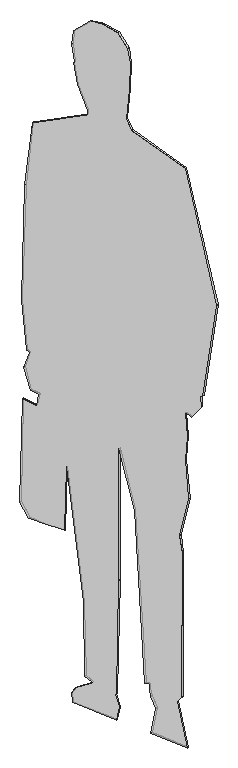
Revit family "ADSK_Антураж_Мужчина_04", category Антураж, Revit 2019
Family settings
  На основе рабочей плоскости = Нет
  Всегда вертикально = Да
  При загрузке вырезать с полостями = Нет
  Источник визуального образа = Геометрия семейства
  Общий = Нет
  Точка расчета площади = Нет
Parameters (values of type "Тип")
  Показать чертеж [instance] = yes
  Высота = 0 mm
  Материал = Антураж
  ADSK_Версия семейства = "1.0"  # constant formula
  ADSK_Версия Revit = "v2019"  # constant formula
Reference planes
  plane 1 "Center (Front/Back)": y = 0
  plane 2: z = 0
  plane 3 "Center (Left/Right)": x = 0
  plane 4: z = 1600
  plane 5: z = 1800
Forms (mm)
  Extrusion 1, solid, material "Антураж" <- "Материал"
    sketch origin (0, 0, 0) x (1, 0, 0) y (0, 0, 1)
      loop
        line (-127.848, 273.901) -> (-123.735, 81.431) -> (-101.022, 73.86) -> (-149.645, 44.417) -> (-162.657, 24.76) -> (-159.86, 0) -> (-31.201, 0) -> (-23.799, 37.014) -> (-34.311, 65.737) -> (-31.195, 66.877) -> (-24.21, 366.435) -> (-24.21, 712.247) -> (20.206, 566.307) -> (51.318, 125.549) -> (64.204, 128.169) -> (64.622, 114.743) -> (68.323, 96.236) -> (83.129, 70.327) -> (68.323, 0) -> (175.663, 0) -> (146.052, 111.041) -> (159.044, 125.462) -> (160.857, 503.384) -> (153.454, 547.801) -> (179.364, 651.439) -> (168.26, 751.375) -> (175.663, 813.495) -> (169.187, 871.977) -> (186.767, 866.117) -> (216.377, 903.13) -> (214.402, 931.275) -> (220.079, 932.741) -> (260.794, 1184.433) -> (168.26, 1510.152) -> (12.803, 1554.568) -> (-2.104, 1579.412) -> (5.4, 1658.206) -> (9.102, 1728.531) -> (1.699, 1765.545) -> (-27.912, 1795.156) -> (-76.029, 1802.558) -> (-105.64, 1798.857) -> (-157.459, 1754.441) -> (-161.16, 1717.427) -> (-153.758, 1673.011) -> (-157.791, 1670.86) -> (-146.355, 1617.491) -> (-116.744, 1561.97) -> (-116.744, 1550.866) -> (-275.902, 1473.138) -> (-298.11, 1302.876) -> (-309.214, 999.366) -> (-294.409, 873.52) -> (-285.825, 869.228) -> (-301.812, 825.402) -> (-282.925, 771.54) -> (-257.23, 770.484) -> (-265.757, 739.555) -> (-305.513, 743.972) -> (-312.916, 470.073) -> (-287.006, 436.76) -> (-238.889, 436.76) -> (-183.369, 440.462) -> (-176.851, 609.919) -> (-127.848, 273.901)
    from 0 to 5
Lines and regions (mm)
  model lines
    curve 1: line (0, 150, 0) -> (0, -150, 0)
    curve 2: line (-150, 0, 0) -> (150, 0, 0)
Dimensions and locks
  aligned and locked: level to plane 2
